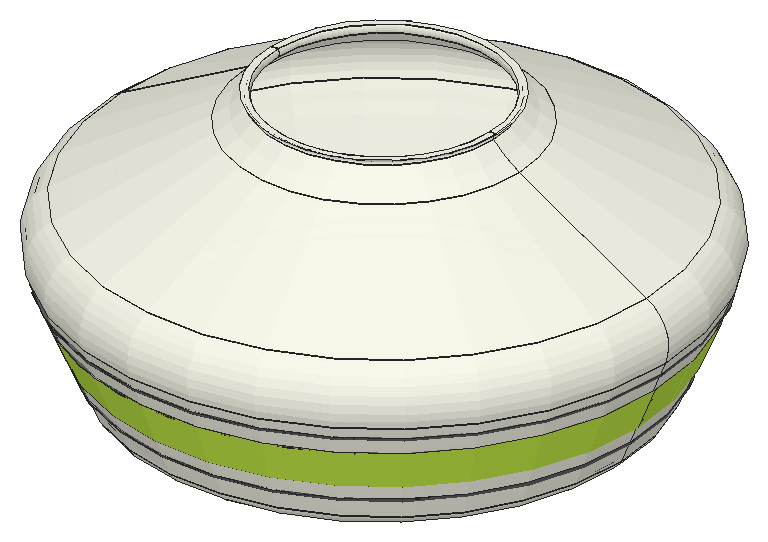
Revit family "PSGN", category Generic Models, Revit 2024
Family settings
  Can host rebar = No
  Round Connector Dimension = Use Diameter
  Part Type = Normal
  Work Plane-Based = No
  Always vertical = Yes
  Cut with Voids When Loaded = No
  Maintain Annotation Orientation = No
  Shared = No
  Room Calculation Point = No
Parameters
  Default Elevation = 0' - 0"
Reference planes (in)
  plane 1 "Center (Front/Back)": y = 0
  plane 2: z = 0
  plane 3 "Center (Left/Right)": x = 0
Forms (in)
  Revolve 1, solid, material "OPAL"
    sketch origin (0, 0, 0) x (1, 0, 0) y (0, 0, 1)
      loop
        line (2.38822, 32.01837) -> (2.23531, 32.01921)
        arc (2.23531, 32.01921) -> (2.21606, 31.93319) -> (2.24189, 31.8489) r 0.17228
        arc (2.24189, 31.8489) -> (2.50547, 31.59106) -> (2.80784, 31.38004) r 2.23561
        line (2.80784, 31.38004) -> (5.51308, 29.94617)
        arc (5.51308, 29.94617) -> (5.87526, 29.52627) -> (5.8577, 28.97203) r 0.76339
        line (5.8577, 28.97203) -> (4.92761, 26.79259)
        arc (4.92761, 26.79259) -> (4.85507, 26.68592) -> (4.74757, 26.61459) r 0.33482
        arc (4.74757, 26.61459) -> (2.94703, 25.96527) -> (1.19836, 25.18702) r 26.36298
        arc (1.19836, 25.18702) -> (0.60941, 25.02065) -> (0, 24.96457) r 3.33904
        line (0, 24.96457) -> (0, 24.87082)
        arc (0, 24.87082) -> (0.62857, 24.92886) -> (1.23588, 25.10101) r 3.43279
        arc (1.23588, 25.10101) -> (2.9818, 25.8782) -> (4.77959, 26.5264) r 26.26923
        arc (4.77959, 26.5264) -> (4.91952, 26.61781) -> (5.01384, 26.75579) r 0.42857
        line (5.01384, 26.75579) -> (5.94393, 28.93524)
        arc (5.94393, 28.93524) -> (5.96364, 29.55754) -> (5.55699, 30.02901) r 0.85714
        line (5.55699, 30.02901) -> (2.85339, 31.462)
        arc (2.85339, 31.462) -> (2.56796, 31.66103) -> (2.31852, 31.90365) r 2.14186
        arc (2.31852, 31.90365) -> (2.3211, 31.98061) -> (2.38822, 32.01837) r 0.07853
      axis (0, 32.01921) -> (0, 24.87082)
    angle from 0 to 360
  Revolve 2, solid, material "PN"
    sketch origin (0, 0, 0) x (1, 0, 0) y (0, 0, 1)
      loop
        line (5.21087, 27.15041) -> (5.24373, 27.22741) -> (5.1418, 27.22741) -> (5.10894, 27.15041) -> (5.21087, 27.15041)
      loop
        line (5.88752, 28.736) -> (5.78559, 28.736) -> (5.75273, 28.659) -> (5.85466, 28.659) -> (5.88752, 28.736)
      loop
        line (5.72749, 28.361) -> (5.62556, 28.361) -> (5.26897, 27.52541) -> (5.3709, 27.52541) -> (5.72749, 28.361)
      axis (0, 28.736) -> (0, 27.15041)
    angle from 0 to 360
Dimensions and locks (in)
  aligned and locked: plane 2 to level
